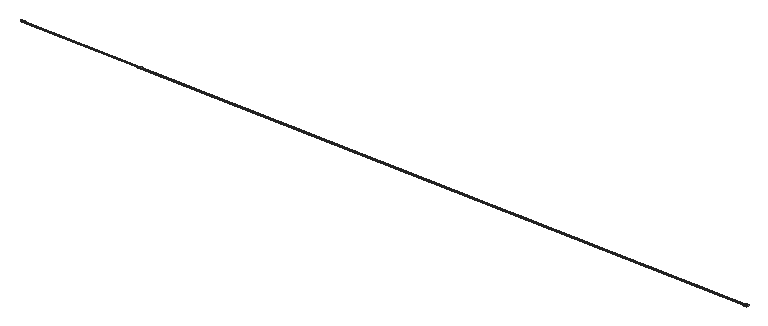
Revit family "0068180", category Lighting Fixtures, host Face, Revit 2017 (continued)
Forms (mm)
  Extrusion 66, solid
    sketch origin (2897.891, 0, 0) x (1, 0, 0) y (0, 1, 0)
      loop
        line (7.4, -1.7) -> (7.4, 1.7) -> (4.6, 1.7) -> (4.6, -1.7) -> (7.4, -1.7)
      loop
        line (15.7, -1.7) -> (15.7, 1.7) -> (12.9, 1.7) -> (12.9, -1.7) -> (15.7, -1.7)
      loop
        line (21.2, 1.7) -> (21.2, -1.7) -> (24, -1.7) -> (24, 1.7) -> (21.2, 1.7)
      loop
        line (32.3, -1.7) -> (32.3, 1.7) -> (29.5, 1.7) -> (29.5, -1.7) -> (32.3, -1.7)
      loop
        line (40.6, -1.7) -> (40.6, 1.7) -> (37.8, 1.7) -> (37.8, -1.7) -> (40.6, -1.7)
      loop
        line (48.9, -1.7) -> (48.9, 1.7) -> (46.1, 1.7) -> (46.1, -1.7) -> (48.9, -1.7)
    from -1.2 to 0
  Extrusion 67, solid
    sketch origin (2947.855, 0, 0) x (1, 0, 0) y (0, 1, 0)
      loop
        line (7.4, -1.7) -> (7.4, 1.7) -> (4.6, 1.7) -> (4.6, -1.7) -> (7.4, -1.7)
      loop
        line (15.7, -1.7) -> (15.7, 1.7) -> (12.9, 1.7) -> (12.9, -1.7) -> (15.7, -1.7)
      loop
        line (21.2, 1.7) -> (21.2, -1.7) -> (24, -1.7) -> (24, 1.7) -> (21.2, 1.7)
      loop
        line (32.3, -1.7) -> (32.3, 1.7) -> (29.5, 1.7) -> (29.5, -1.7) -> (32.3, -1.7)
      loop
        line (40.6, -1.7) -> (40.6, 1.7) -> (37.8, 1.7) -> (37.8, -1.7) -> (40.6, -1.7)
      loop
        line (48.9, -1.7) -> (48.9, 1.7) -> (46.1, 1.7) -> (46.1, -1.7) -> (48.9, -1.7)
    from -1.2 to 0
  Extrusion 68, solid
    sketch origin (2997.818, 0, 0) x (1, 0, 0) y (0, 1, 0)
      loop
        line (7.4, -1.7) -> (7.4, 1.7) -> (4.6, 1.7) -> (4.6, -1.7) -> (7.4, -1.7)
      loop
        line (15.7, -1.7) -> (15.7, 1.7) -> (12.9, 1.7) -> (12.9, -1.7) -> (15.7, -1.7)
      loop
        line (21.2, 1.7) -> (21.2, -1.7) -> (24, -1.7) -> (24, 1.7) -> (21.2, 1.7)
      loop
        line (32.3, -1.7) -> (32.3, 1.7) -> (29.5, 1.7) -> (29.5, -1.7) -> (32.3, -1.7)
      loop
        line (40.6, -1.7) -> (40.6, 1.7) -> (37.8, 1.7) -> (37.8, -1.7) -> (40.6, -1.7)
      loop
        line (48.9, -1.7) -> (48.9, 1.7) -> (46.1, 1.7) -> (46.1, -1.7) -> (48.9, -1.7)
    from -1.2 to 0
  Extrusion 69, solid
    sketch origin (3047.782, 0, 0) x (1, 0, 0) y (0, 1, 0)
      loop
        line (7.4, -1.7) -> (7.4, 1.7) -> (4.6, 1.7) -> (4.6, -1.7) -> (7.4, -1.7)
      loop
        line (15.7, -1.7) -> (15.7, 1.7) -> (12.9, 1.7) -> (12.9, -1.7) -> (15.7, -1.7)
      loop
        line (21.2, 1.7) -> (21.2, -1.7) -> (24, -1.7) -> (24, 1.7) -> (21.2, 1.7)
      loop
        line (32.3, -1.7) -> (32.3, 1.7) -> (29.5, 1.7) -> (29.5, -1.7) -> (32.3, -1.7)
      loop
        line (40.6, -1.7) -> (40.6, 1.7) -> (37.8, 1.7) -> (37.8, -1.7) -> (40.6, -1.7)
      loop
        line (48.9, -1.7) -> (48.9, 1.7) -> (46.1, 1.7) -> (46.1, -1.7) -> (48.9, -1.7)
    from -1.2 to 0
  Extrusion 70, solid
    sketch origin (3097.745, 0, 0) x (1, 0, 0) y (0, 1, 0)
      loop
        line (7.4, -1.7) -> (7.4, 1.7) -> (4.6, 1.7) -> (4.6, -1.7) -> (7.4, -1.7)
      loop
        line (15.7, -1.7) -> (15.7, 1.7) -> (12.9, 1.7) -> (12.9, -1.7) -> (15.7, -1.7)
      loop
        line (21.2, 1.7) -> (21.2, -1.7) -> (24, -1.7) -> (24, 1.7) -> (21.2, 1.7)
      loop
        line (32.3, -1.7) -> (32.3, 1.7) -> (29.5, 1.7) -> (29.5, -1.7) -> (32.3, -1.7)
      loop
        line (40.6, -1.7) -> (40.6, 1.7) -> (37.8, 1.7) -> (37.8, -1.7) -> (40.6, -1.7)
      loop
        line (48.9, -1.7) -> (48.9, 1.7) -> (46.1, 1.7) -> (46.1, -1.7) -> (48.9, -1.7)
    from -1.2 to 0
  Extrusion 71, solid
    sketch origin (3147.709, 0, 0) x (1, 0, 0) y (0, 1, 0)
      loop
        line (7.4, -1.7) -> (7.4, 1.7) -> (4.6, 1.7) -> (4.6, -1.7) -> (7.4, -1.7)
      loop
        line (15.7, -1.7) -> (15.7, 1.7) -> (12.9, 1.7) -> (12.9, -1.7) -> (15.7, -1.7)
      loop
        line (21.2, 1.7) -> (21.2, -1.7) -> (24, -1.7) -> (24, 1.7) -> (21.2, 1.7)
      loop
        line (32.3, -1.7) -> (32.3, 1.7) -> (29.5, 1.7) -> (29.5, -1.7) -> (32.3, -1.7)
      loop
        line (40.6, -1.7) -> (40.6, 1.7) -> (37.8, 1.7) -> (37.8, -1.7) -> (40.6, -1.7)
      loop
        line (48.9, -1.7) -> (48.9, 1.7) -> (46.1, 1.7) -> (46.1, -1.7) -> (48.9, -1.7)
    from -1.2 to 0
  Extrusion 72, solid
    sketch origin (3197.673, 0, 0) x (1, 0, 0) y (0, 1, 0)
      loop
        line (7.4, -1.7) -> (7.4, 1.7) -> (4.6, 1.7) -> (4.6, -1.7) -> (7.4, -1.7)
      loop
        line (15.7, -1.7) -> (15.7, 1.7) -> (12.9, 1.7) -> (12.9, -1.7) -> (15.7, -1.7)
      loop
        line (21.2, 1.7) -> (21.2, -1.7) -> (24, -1.7) -> (24, 1.7) -> (21.2, 1.7)
      loop
        line (32.3, -1.7) -> (32.3, 1.7) -> (29.5, 1.7) -> (29.5, -1.7) -> (32.3, -1.7)
      loop
        line (40.6, -1.7) -> (40.6, 1.7) -> (37.8, 1.7) -> (37.8, -1.7) -> (40.6, -1.7)
      loop
        line (48.9, -1.7) -> (48.9, 1.7) -> (46.1, 1.7) -> (46.1, -1.7) -> (48.9, -1.7)
    from -1.2 to 0
  Extrusion 73, solid
    sketch origin (3247.636, 0, 0) x (1, 0, 0) y (0, 1, 0)
      loop
        line (7.4, -1.7) -> (7.4, 1.7) -> (4.6, 1.7) -> (4.6, -1.7) -> (7.4, -1.7)
      loop
        line (15.7, -1.7) -> (15.7, 1.7) -> (12.9, 1.7) -> (12.9, -1.7) -> (15.7, -1.7)
      loop
        line (21.2, 1.7) -> (21.2, -1.7) -> (24, -1.7) -> (24, 1.7) -> (21.2, 1.7)
      loop
        line (32.3, -1.7) -> (32.3, 1.7) -> (29.5, 1.7) -> (29.5, -1.7) -> (32.3, -1.7)
      loop
        line (40.6, -1.7) -> (40.6, 1.7) -> (37.8, 1.7) -> (37.8, -1.7) -> (40.6, -1.7)
      loop
        line (48.9, -1.7) -> (48.9, 1.7) -> (46.1, 1.7) -> (46.1, -1.7) -> (48.9, -1.7)
    from -1.2 to 0
  Extrusion 74, solid
    sketch origin (3297.6, 0, 0) x (1, 0, 0) y (0, 1, 0)
      loop
        line (7.4, -1.7) -> (7.4, 1.7) -> (4.6, 1.7) -> (4.6, -1.7) -> (7.4, -1.7)
      loop
        line (15.7, -1.7) -> (15.7, 1.7) -> (12.9, 1.7) -> (12.9, -1.7) -> (15.7, -1.7)
      loop
        line (21.2, 1.7) -> (21.2, -1.7) -> (24, -1.7) -> (24, 1.7) -> (21.2, 1.7)
      loop
        line (32.3, -1.7) -> (32.3, 1.7) -> (29.5, 1.7) -> (29.5, -1.7) -> (32.3, -1.7)
      loop
        line (40.6, -1.7) -> (40.6, 1.7) -> (37.8, 1.7) -> (37.8, -1.7) -> (40.6, -1.7)
      loop
        line (48.9, -1.7) -> (48.9, 1.7) -> (46.1, 1.7) -> (46.1, -1.7) -> (48.9, -1.7)
    from -1.2 to 0
  Extrusion 75, solid
    sketch origin (3347.564, 0, 0) x (1, 0, 0) y (0, 1, 0)
      loop
        line (7.4, -1.7) -> (7.4, 1.7) -> (4.6, 1.7) -> (4.6, -1.7) -> (7.4, -1.7)
      loop
        line (15.7, -1.7) -> (15.7, 1.7) -> (12.9, 1.7) -> (12.9, -1.7) -> (15.7, -1.7)
      loop
        line (21.2, 1.7) -> (21.2, -1.7) -> (24, -1.7) -> (24, 1.7) -> (21.2, 1.7)
      loop
        line (32.3, -1.7) -> (32.3, 1.7) -> (29.5, 1.7) -> (29.5, -1.7) -> (32.3, -1.7)
      loop
        line (40.6, -1.7) -> (40.6, 1.7) -> (37.8, 1.7) -> (37.8, -1.7) -> (40.6, -1.7)
      loop
        line (48.9, -1.7) -> (48.9, 1.7) -> (46.1, 1.7) -> (46.1, -1.7) -> (48.9, -1.7)
    from -1.2 to 0
  Extrusion 76, solid
    sketch origin (3397.527, 0, 0) x (1, 0, 0) y (0, 1, 0)
      loop
        line (7.4, -1.7) -> (7.4, 1.7) -> (4.6, 1.7) -> (4.6, -1.7) -> (7.4, -1.7)
      loop
        line (15.7, -1.7) -> (15.7, 1.7) -> (12.9, 1.7) -> (12.9, -1.7) -> (15.7, -1.7)
      loop
        line (21.2, 1.7) -> (21.2, -1.7) -> (24, -1.7) -> (24, 1.7) -> (21.2, 1.7)
      loop
        line (32.3, -1.7) -> (32.3, 1.7) -> (29.5, 1.7) -> (29.5, -1.7) -> (32.3, -1.7)
      loop
        line (40.6, -1.7) -> (40.6, 1.7) -> (37.8, 1.7) -> (37.8, -1.7) -> (40.6, -1.7)
      loop
        line (48.9, -1.7) -> (48.9, 1.7) -> (46.1, 1.7) -> (46.1, -1.7) -> (48.9, -1.7)
    from -1.2 to 0
  Extrusion 77, solid
    sketch origin (3447.491, 0, 0) x (1, 0, 0) y (0, 1, 0)
      loop
        line (7.4, -1.7) -> (7.4, 1.7) -> (4.6, 1.7) -> (4.6, -1.7) -> (7.4, -1.7)
      loop
        line (15.7, -1.7) -> (15.7, 1.7) -> (12.9, 1.7) -> (12.9, -1.7) -> (15.7, -1.7)
      loop
        line (21.2, 1.7) -> (21.2, -1.7) -> (24, -1.7) -> (24, 1.7) -> (21.2, 1.7)
      loop
        line (32.3, -1.7) -> (32.3, 1.7) -> (29.5, 1.7) -> (29.5, -1.7) -> (32.3, -1.7)
      loop
        line (40.6, -1.7) -> (40.6, 1.7) -> (37.8, 1.7) -> (37.8, -1.7) -> (40.6, -1.7)
      loop
        line (48.9, -1.7) -> (48.9, 1.7) -> (46.1, 1.7) -> (46.1, -1.7) -> (48.9, -1.7)
    from -1.2 to 0
  Extrusion 78, solid
    sketch origin (3497.455, 0, 0) x (1, 0, 0) y (0, 1, 0)
      loop
        line (7.4, -1.7) -> (7.4, 1.7) -> (4.6, 1.7) -> (4.6, -1.7) -> (7.4, -1.7)
      loop
        line (15.7, -1.7) -> (15.7, 1.7) -> (12.9, 1.7) -> (12.9, -1.7) -> (15.7, -1.7)
      loop
        line (21.2, 1.7) -> (21.2, -1.7) -> (24, -1.7) -> (24, 1.7) -> (21.2, 1.7)
      loop
        line (32.3, -1.7) -> (32.3, 1.7) -> (29.5, 1.7) -> (29.5, -1.7) -> (32.3, -1.7)
      loop
        line (40.6, -1.7) -> (40.6, 1.7) -> (37.8, 1.7) -> (37.8, -1.7) -> (40.6, -1.7)
      loop
        line (48.9, -1.7) -> (48.9, 1.7) -> (46.1, 1.7) -> (46.1, -1.7) -> (48.9, -1.7)
    from -1.2 to 0
  Extrusion 79, solid
    sketch origin (3547.418, 0, 0) x (1, 0, 0) y (0, 1, 0)
      loop
        line (7.4, -1.7) -> (7.4, 1.7) -> (4.6, 1.7) -> (4.6, -1.7) -> (7.4, -1.7)
      loop
        line (15.7, -1.7) -> (15.7, 1.7) -> (12.9, 1.7) -> (12.9, -1.7) -> (15.7, -1.7)
      loop
        line (21.2, 1.7) -> (21.2, -1.7) -> (24, -1.7) -> (24, 1.7) -> (21.2, 1.7)
      loop
        line (32.3, -1.7) -> (32.3, 1.7) -> (29.5, 1.7) -> (29.5, -1.7) -> (32.3, -1.7)
      loop
        line (40.6, -1.7) -> (40.6, 1.7) -> (37.8, 1.7) -> (37.8, -1.7) -> (40.6, -1.7)
      loop
        line (48.9, -1.7) -> (48.9, 1.7) -> (46.1, 1.7) -> (46.1, -1.7) -> (48.9, -1.7)
    from -1.2 to 0
  Extrusion 80, solid
    sketch origin (3597.382, 0, 0) x (1, 0, 0) y (0, 1, 0)
      loop
        line (7.4, -1.7) -> (7.4, 1.7) -> (4.6, 1.7) -> (4.6, -1.7) -> (7.4, -1.7)
      loop
        line (15.7, -1.7) -> (15.7, 1.7) -> (12.9, 1.7) -> (12.9, -1.7) -> (15.7, -1.7)
      loop
        line (21.2, 1.7) -> (21.2, -1.7) -> (24, -1.7) -> (24, 1.7) -> (21.2, 1.7)
      loop
        line (32.3, -1.7) -> (32.3, 1.7) -> (29.5, 1.7) -> (29.5, -1.7) -> (32.3, -1.7)
      loop
        line (40.6, -1.7) -> (40.6, 1.7) -> (37.8, 1.7) -> (37.8, -1.7) -> (40.6, -1.7)
      loop
        line (48.9, -1.7) -> (48.9, 1.7) -> (46.1, 1.7) -> (46.1, -1.7) -> (48.9, -1.7)
    from -1.2 to 0
  Extrusion 81, solid
    sketch origin (3647.345, 0, 0) x (1, 0, 0) y (0, 1, 0)
      loop
        line (7.4, -1.7) -> (7.4, 1.7) -> (4.6, 1.7) -> (4.6, -1.7) -> (7.4, -1.7)
      loop
        line (15.7, -1.7) -> (15.7, 1.7) -> (12.9, 1.7) -> (12.9, -1.7) -> (15.7, -1.7)
      loop
        line (21.2, 1.7) -> (21.2, -1.7) -> (24, -1.7) -> (24, 1.7) -> (21.2, 1.7)
      loop
        line (32.3, -1.7) -> (32.3, 1.7) -> (29.5, 1.7) -> (29.5, -1.7) -> (32.3, -1.7)
      loop
        line (40.6, -1.7) -> (40.6, 1.7) -> (37.8, 1.7) -> (37.8, -1.7) -> (40.6, -1.7)
      loop
        line (48.9, -1.7) -> (48.9, 1.7) -> (46.1, 1.7) -> (46.1, -1.7) -> (48.9, -1.7)
    from -1.2 to 0
  Extrusion 82, solid
    sketch origin (3697.309, 0, 0) x (1, 0, 0) y (0, 1, 0)
      loop
        line (7.4, -1.7) -> (7.4, 1.7) -> (4.6, 1.7) -> (4.6, -1.7) -> (7.4, -1.7)
      loop
        line (15.7, -1.7) -> (15.7, 1.7) -> (12.9, 1.7) -> (12.9, -1.7) -> (15.7, -1.7)
      loop
        line (21.2, 1.7) -> (21.2, -1.7) -> (24, -1.7) -> (24, 1.7) -> (21.2, 1.7)
      loop
        line (32.3, -1.7) -> (32.3, 1.7) -> (29.5, 1.7) -> (29.5, -1.7) -> (32.3, -1.7)
      loop
        line (40.6, -1.7) -> (40.6, 1.7) -> (37.8, 1.7) -> (37.8, -1.7) -> (40.6, -1.7)
      loop
        line (48.9, -1.7) -> (48.9, 1.7) -> (46.1, 1.7) -> (46.1, -1.7) -> (48.9, -1.7)
    from -1.2 to 0
  Extrusion 83, solid
    sketch origin (3747.273, 0, 0) x (1, 0, 0) y (0, 1, 0)
      loop
        line (7.4, -1.7) -> (7.4, 1.7) -> (4.6, 1.7) -> (4.6, -1.7) -> (7.4, -1.7)
      loop
        line (15.7, -1.7) -> (15.7, 1.7) -> (12.9, 1.7) -> (12.9, -1.7) -> (15.7, -1.7)
      loop
        line (21.2, 1.7) -> (21.2, -1.7) -> (24, -1.7) -> (24, 1.7) -> (21.2, 1.7)
      loop
        line (32.3, -1.7) -> (32.3, 1.7) -> (29.5, 1.7) -> (29.5, -1.7) -> (32.3, -1.7)
      loop
        line (40.6, -1.7) -> (40.6, 1.7) -> (37.8, 1.7) -> (37.8, -1.7) -> (40.6, -1.7)
      loop
        line (48.9, -1.7) -> (48.9, 1.7) -> (46.1, 1.7) -> (46.1, -1.7) -> (48.9, -1.7)
    from -1.2 to 0
  Extrusion 84, solid
    sketch origin (3797.236, 0, 0) x (1, 0, 0) y (0, 1, 0)
      loop
        line (7.4, -1.7) -> (7.4, 1.7) -> (4.6, 1.7) -> (4.6, -1.7) -> (7.4, -1.7)
      loop
        line (15.7, -1.7) -> (15.7, 1.7) -> (12.9, 1.7) -> (12.9, -1.7) -> (15.7, -1.7)
      loop
        line (21.2, 1.7) -> (21.2, -1.7) -> (24, -1.7) -> (24, 1.7) -> (21.2, 1.7)
      loop
        line (32.3, -1.7) -> (32.3, 1.7) -> (29.5, 1.7) -> (29.5, -1.7) -> (32.3, -1.7)
      loop
        line (40.6, -1.7) -> (40.6, 1.7) -> (37.8, 1.7) -> (37.8, -1.7) -> (40.6, -1.7)
      loop
        line (48.9, -1.7) -> (48.9, 1.7) -> (46.1, 1.7) -> (46.1, -1.7) -> (48.9, -1.7)
    from -1.2 to 0
  Extrusion 85, solid
    sketch origin (3847.2, 0, 0) x (1, 0, 0) y (0, 1, 0)
      loop
        line (7.4, -1.7) -> (7.4, 1.7) -> (4.6, 1.7) -> (4.6, -1.7) -> (7.4, -1.7)
      loop
        line (15.7, -1.7) -> (15.7, 1.7) -> (12.9, 1.7) -> (12.9, -1.7) -> (15.7, -1.7)
      loop
        line (21.2, 1.7) -> (21.2, -1.7) -> (24, -1.7) -> (24, 1.7) -> (21.2, 1.7)
      loop
        line (32.3, -1.7) -> (32.3, 1.7) -> (29.5, 1.7) -> (29.5, -1.7) -> (32.3, -1.7)
      loop
        line (40.6, -1.7) -> (40.6, 1.7) -> (37.8, 1.7) -> (37.8, -1.7) -> (40.6, -1.7)
      loop
        line (48.9, -1.7) -> (48.9, 1.7) -> (46.1, 1.7) -> (46.1, -1.7) -> (48.9, -1.7)
    from -1.2 to 0
  Extrusion 86, solid
    sketch origin (3897.164, 0, 0) x (1, 0, 0) y (0, 1, 0)
      loop
        line (7.4, -1.7) -> (7.4, 1.7) -> (4.6, 1.7) -> (4.6, -1.7) -> (7.4, -1.7)
      loop
        line (15.7, -1.7) -> (15.7, 1.7) -> (12.9, 1.7) -> (12.9, -1.7) -> (15.7, -1.7)
      loop
        line (21.2, 1.7) -> (21.2, -1.7) -> (24, -1.7) -> (24, 1.7) -> (21.2, 1.7)
      loop
        line (32.3, -1.7) -> (32.3, 1.7) -> (29.5, 1.7) -> (29.5, -1.7) -> (32.3, -1.7)
      loop
        line (40.6, -1.7) -> (40.6, 1.7) -> (37.8, 1.7) -> (37.8, -1.7) -> (40.6, -1.7)
      loop
        line (48.9, -1.7) -> (48.9, 1.7) -> (46.1, 1.7) -> (46.1, -1.7) -> (48.9, -1.7)
    from -1.2 to 0
  Extrusion 87, solid
    sketch origin (3947.127, 0, 0) x (1, 0, 0) y (0, 1, 0)
      loop
        line (7.4, -1.7) -> (7.4, 1.7) -> (4.6, 1.7) -> (4.6, -1.7) -> (7.4, -1.7)
      loop
        line (15.7, -1.7) -> (15.7, 1.7) -> (12.9, 1.7) -> (12.9, -1.7) -> (15.7, -1.7)
      loop
        line (21.2, 1.7) -> (21.2, -1.7) -> (24, -1.7) -> (24, 1.7) -> (21.2, 1.7)
      loop
        line (32.3, -1.7) -> (32.3, 1.7) -> (29.5, 1.7) -> (29.5, -1.7) -> (32.3, -1.7)
      loop
        line (40.6, -1.7) -> (40.6, 1.7) -> (37.8, 1.7) -> (37.8, -1.7) -> (40.6, -1.7)
      loop
        line (48.9, -1.7) -> (48.9, 1.7) -> (46.1, 1.7) -> (46.1, -1.7) -> (48.9, -1.7)
    from -1.2 to 0
  Extrusion 88, solid
    sketch origin (3997.091, 0, 0) x (1, 0, 0) y (0, 1, 0)
      loop
        line (7.4, -1.7) -> (7.4, 1.7) -> (4.6, 1.7) -> (4.6, -1.7) -> (7.4, -1.7)
      loop
        line (15.7, -1.7) -> (15.7, 1.7) -> (12.9, 1.7) -> (12.9, -1.7) -> (15.7, -1.7)
      loop
        line (21.2, 1.7) -> (21.2, -1.7) -> (24, -1.7) -> (24, 1.7) -> (21.2, 1.7)
      loop
        line (32.3, -1.7) -> (32.3, 1.7) -> (29.5, 1.7) -> (29.5, -1.7) -> (32.3, -1.7)
      loop
        line (40.6, -1.7) -> (40.6, 1.7) -> (37.8, 1.7) -> (37.8, -1.7) -> (40.6, -1.7)
      loop
        line (48.9, -1.7) -> (48.9, 1.7) -> (46.1, 1.7) -> (46.1, -1.7) -> (48.9, -1.7)
    from -1.2 to 0
  Extrusion 89, solid
    sketch origin (4047.055, 0, 0) x (1, 0, 0) y (0, 1, 0)
      loop
        line (7.4, -1.7) -> (7.4, 1.7) -> (4.6, 1.7) -> (4.6, -1.7) -> (7.4, -1.7)
      loop
        line (15.7, -1.7) -> (15.7, 1.7) -> (12.9, 1.7) -> (12.9, -1.7) -> (15.7, -1.7)
      loop
        line (21.2, 1.7) -> (21.2, -1.7) -> (24, -1.7) -> (24, 1.7) -> (21.2, 1.7)
      loop
        line (32.3, -1.7) -> (32.3, 1.7) -> (29.5, 1.7) -> (29.5, -1.7) -> (32.3, -1.7)
      loop
        line (40.6, -1.7) -> (40.6, 1.7) -> (37.8, 1.7) -> (37.8, -1.7) -> (40.6, -1.7)
      loop
        line (48.9, -1.7) -> (48.9, 1.7) -> (46.1, 1.7) -> (46.1, -1.7) -> (48.9, -1.7)
    from -1.2 to 0
  Extrusion 90, solid
    sketch origin (4097.018, 0, 0) x (1, 0, 0) y (0, 1, 0)
      loop
        line (7.4, -1.7) -> (7.4, 1.7) -> (4.6, 1.7) -> (4.6, -1.7) -> (7.4, -1.7)
      loop
        line (15.7, -1.7) -> (15.7, 1.7) -> (12.9, 1.7) -> (12.9, -1.7) -> (15.7, -1.7)
      loop
        line (21.2, 1.7) -> (21.2, -1.7) -> (24, -1.7) -> (24, 1.7) -> (21.2, 1.7)
      loop
        line (32.3, -1.7) -> (32.3, 1.7) -> (29.5, 1.7) -> (29.5, -1.7) -> (32.3, -1.7)
      loop
        line (40.6, -1.7) -> (40.6, 1.7) -> (37.8, 1.7) -> (37.8, -1.7) -> (40.6, -1.7)
      loop
        line (48.9, -1.7) -> (48.9, 1.7) -> (46.1, 1.7) -> (46.1, -1.7) -> (48.9, -1.7)
    from -1.2 to 0
  Extrusion 91, solid
    sketch origin (4146.982, 0, 0) x (1, 0, 0) y (0, 1, 0)
      loop
        line (7.4, -1.7) -> (7.4, 1.7) -> (4.6, 1.7) -> (4.6, -1.7) -> (7.4, -1.7)
      loop
        line (15.7, -1.7) -> (15.7, 1.7) -> (12.9, 1.7) -> (12.9, -1.7) -> (15.7, -1.7)
      loop
        line (21.2, 1.7) -> (21.2, -1.7) -> (24, -1.7) -> (24, 1.7) -> (21.2, 1.7)
      loop
        line (32.3, -1.7) -> (32.3, 1.7) -> (29.5, 1.7) -> (29.5, -1.7) -> (32.3, -1.7)
      loop
        line (40.6, -1.7) -> (40.6, 1.7) -> (37.8, 1.7) -> (37.8, -1.7) -> (40.6, -1.7)
      loop
        line (48.9, -1.7) -> (48.9, 1.7) -> (46.1, 1.7) -> (46.1, -1.7) -> (48.9, -1.7)
    from -1.2 to 0
  Extrusion 92, solid
    sketch origin (4196.945, 0, 0) x (1, 0, 0) y (0, 1, 0)
      loop
        line (7.4, -1.7) -> (7.4, 1.7) -> (4.6, 1.7) -> (4.6, -1.7) -> (7.4, -1.7)
      loop
        line (15.7, -1.7) -> (15.7, 1.7) -> (12.9, 1.7) -> (12.9, -1.7) -> (15.7, -1.7)
      loop
        line (21.2, 1.7) -> (21.2, -1.7) -> (24, -1.7) -> (24, 1.7) -> (21.2, 1.7)
      loop
        line (32.3, -1.7) -> (32.3, 1.7) -> (29.5, 1.7) -> (29.5, -1.7) -> (32.3, -1.7)
      loop
        line (40.6, -1.7) -> (40.6, 1.7) -> (37.8, 1.7) -> (37.8, -1.7) -> (40.6, -1.7)
      loop
        line (48.9, -1.7) -> (48.9, 1.7) -> (46.1, 1.7) -> (46.1, -1.7) -> (48.9, -1.7)
    from -1.2 to 0
  Extrusion 93, solid
    sketch origin (4246.909, 0, 0) x (1, 0, 0) y (0, 1, 0)
      loop
        line (7.4, -1.7) -> (7.4, 1.7) -> (4.6, 1.7) -> (4.6, -1.7) -> (7.4, -1.7)
      loop
        line (15.7, -1.7) -> (15.7, 1.7) -> (12.9, 1.7) -> (12.9, -1.7) -> (15.7, -1.7)
      loop
        line (21.2, 1.7) -> (21.2, -1.7) -> (24, -1.7) -> (24, 1.7) -> (21.2, 1.7)
      loop
        line (32.3, -1.7) -> (32.3, 1.7) -> (29.5, 1.7) -> (29.5, -1.7) -> (32.3, -1.7)
      loop
        line (40.6, -1.7) -> (40.6, 1.7) -> (37.8, 1.7) -> (37.8, -1.7) -> (40.6, -1.7)
      loop
        line (48.9, -1.7) -> (48.9, 1.7) -> (46.1, 1.7) -> (46.1, -1.7) -> (48.9, -1.7)
    from -1.2 to 0
  Extrusion 94, solid
    sketch origin (4296.873, 0, 0) x (1, 0, 0) y (0, 1, 0)
      loop
        line (7.4, -1.7) -> (7.4, 1.7) -> (4.6, 1.7) -> (4.6, -1.7) -> (7.4, -1.7)
      loop
        line (15.7, -1.7) -> (15.7, 1.7) -> (12.9, 1.7) -> (12.9, -1.7) -> (15.7, -1.7)
      loop
        line (21.2, 1.7) -> (21.2, -1.7) -> (24, -1.7) -> (24, 1.7) -> (21.2, 1.7)
      loop
        line (32.3, -1.7) -> (32.3, 1.7) -> (29.5, 1.7) -> (29.5, -1.7) -> (32.3, -1.7)
      loop
        line (40.6, -1.7) -> (40.6, 1.7) -> (37.8, 1.7) -> (37.8, -1.7) -> (40.6, -1.7)
      loop
        line (48.9, -1.7) -> (48.9, 1.7) -> (46.1, 1.7) -> (46.1, -1.7) -> (48.9, -1.7)
    from -1.2 to 0
  Extrusion 95, solid
    sketch origin (4346.836, 0, 0) x (1, 0, 0) y (0, 1, 0)
      loop
        line (7.4, -1.7) -> (7.4, 1.7) -> (4.6, 1.7) -> (4.6, -1.7) -> (7.4, -1.7)
      loop
        line (15.7, -1.7) -> (15.7, 1.7) -> (12.9, 1.7) -> (12.9, -1.7) -> (15.7, -1.7)
      loop
        line (21.2, 1.7) -> (21.2, -1.7) -> (24, -1.7) -> (24, 1.7) -> (21.2, 1.7)
      loop
        line (32.3, -1.7) -> (32.3, 1.7) -> (29.5, 1.7) -> (29.5, -1.7) -> (32.3, -1.7)
      loop
        line (40.6, -1.7) -> (40.6, 1.7) -> (37.8, 1.7) -> (37.8, -1.7) -> (40.6, -1.7)
      loop
        line (48.9, -1.7) -> (48.9, 1.7) -> (46.1, 1.7) -> (46.1, -1.7) -> (48.9, -1.7)
    from -1.2 to 0
  Extrusion 96, solid
    sketch origin (4396.8, 0, 0) x (1, 0, 0) y (0, 1, 0)
      loop
        line (7.4, -1.7) -> (7.4, 1.7) -> (4.6, 1.7) -> (4.6, -1.7) -> (7.4, -1.7)
      loop
        line (15.7, -1.7) -> (15.7, 1.7) -> (12.9, 1.7) -> (12.9, -1.7) -> (15.7, -1.7)
      loop
        line (21.2, 1.7) -> (21.2, -1.7) -> (24, -1.7) -> (24, 1.7) -> (21.2, 1.7)
      loop
        line (32.3, -1.7) -> (32.3, 1.7) -> (29.5, 1.7) -> (29.5, -1.7) -> (32.3, -1.7)
      loop
        line (40.6, -1.7) -> (40.6, 1.7) -> (37.8, 1.7) -> (37.8, -1.7) -> (40.6, -1.7)
      loop
        line (48.9, -1.7) -> (48.9, 1.7) -> (46.1, 1.7) -> (46.1, -1.7) -> (48.9, -1.7)
    from -1.2 to 0
  Extrusion 97, solid
    sketch origin (4446.764, 0, 0) x (1, 0, 0) y (0, 1, 0)
      loop
        line (7.4, -1.7) -> (7.4, 1.7) -> (4.6, 1.7) -> (4.6, -1.7) -> (7.4, -1.7)
      loop
        line (15.7, -1.7) -> (15.7, 1.7) -> (12.9, 1.7) -> (12.9, -1.7) -> (15.7, -1.7)
      loop
        line (21.2, 1.7) -> (21.2, -1.7) -> (24, -1.7) -> (24, 1.7) -> (21.2, 1.7)
      loop
        line (32.3, -1.7) -> (32.3, 1.7) -> (29.5, 1.7) -> (29.5, -1.7) -> (32.3, -1.7)
      loop
        line (40.6, -1.7) -> (40.6, 1.7) -> (37.8, 1.7) -> (37.8, -1.7) -> (40.6, -1.7)
      loop
        line (48.9, -1.7) -> (48.9, 1.7) -> (46.1, 1.7) -> (46.1, -1.7) -> (48.9, -1.7)
    from -1.2 to 0
  Extrusion 98, solid
    sketch origin (4496.727, 0, 0) x (1, 0, 0) y (0, 1, 0)
      loop
        line (7.4, -1.7) -> (7.4, 1.7) -> (4.6, 1.7) -> (4.6, -1.7) -> (7.4, -1.7)
      loop
        line (15.7, -1.7) -> (15.7, 1.7) -> (12.9, 1.7) -> (12.9, -1.7) -> (15.7, -1.7)
      loop
        line (21.2, 1.7) -> (21.2, -1.7) -> (24, -1.7) -> (24, 1.7) -> (21.2, 1.7)
      loop
        line (32.3, -1.7) -> (32.3, 1.7) -> (29.5, 1.7) -> (29.5, -1.7) -> (32.3, -1.7)
      loop
        line (40.6, -1.7) -> (40.6, 1.7) -> (37.8, 1.7) -> (37.8, -1.7) -> (40.6, -1.7)
      loop
        line (48.9, -1.7) -> (48.9, 1.7) -> (46.1, 1.7) -> (46.1, -1.7) -> (48.9, -1.7)
    from -1.2 to 0
  Extrusion 99, solid
    sketch origin (4546.691, 0, 0) x (1, 0, 0) y (0, 1, 0)
      loop
        line (7.4, -1.7) -> (7.4, 1.7) -> (4.6, 1.7) -> (4.6, -1.7) -> (7.4, -1.7)
      loop
        line (15.7, -1.7) -> (15.7, 1.7) -> (12.9, 1.7) -> (12.9, -1.7) -> (15.7, -1.7)
      loop
        line (21.2, 1.7) -> (21.2, -1.7) -> (24, -1.7) -> (24, 1.7) -> (21.2, 1.7)
      loop
        line (32.3, -1.7) -> (32.3, 1.7) -> (29.5, 1.7) -> (29.5, -1.7) -> (32.3, -1.7)
      loop
        line (40.6, -1.7) -> (40.6, 1.7) -> (37.8, 1.7) -> (37.8, -1.7) -> (40.6, -1.7)
      loop
        line (48.9, -1.7) -> (48.9, 1.7) -> (46.1, 1.7) -> (46.1, -1.7) -> (48.9, -1.7)
    from -1.2 to 0
  Extrusion 100, solid
    sketch origin (4596.655, 0, 0) x (1, 0, 0) y (0, 1, 0)
      loop
        line (7.4, -1.7) -> (7.4, 1.7) -> (4.6, 1.7) -> (4.6, -1.7) -> (7.4, -1.7)
      loop
        line (15.7, -1.7) -> (15.7, 1.7) -> (12.9, 1.7) -> (12.9, -1.7) -> (15.7, -1.7)
      loop
        line (21.2, 1.7) -> (21.2, -1.7) -> (24, -1.7) -> (24, 1.7) -> (21.2, 1.7)
      loop
        line (32.3, -1.7) -> (32.3, 1.7) -> (29.5, 1.7) -> (29.5, -1.7) -> (32.3, -1.7)
      loop
        line (40.6, -1.7) -> (40.6, 1.7) -> (37.8, 1.7) -> (37.8, -1.7) -> (40.6, -1.7)
      loop
        line (48.9, -1.7) -> (48.9, 1.7) -> (46.1, 1.7) -> (46.1, -1.7) -> (48.9, -1.7)
    from -1.2 to 0
  Extrusion 101, solid
    sketch origin (4646.618, 0, 0) x (1, 0, 0) y (0, 1, 0)
      loop
        line (7.4, -1.7) -> (7.4, 1.7) -> (4.6, 1.7) -> (4.6, -1.7) -> (7.4, -1.7)
      loop
        line (15.7, -1.7) -> (15.7, 1.7) -> (12.9, 1.7) -> (12.9, -1.7) -> (15.7, -1.7)
      loop
        line (21.2, 1.7) -> (21.2, -1.7) -> (24, -1.7) -> (24, 1.7) -> (21.2, 1.7)
      loop
        line (32.3, -1.7) -> (32.3, 1.7) -> (29.5, 1.7) -> (29.5, -1.7) -> (32.3, -1.7)
      loop
        line (40.6, -1.7) -> (40.6, 1.7) -> (37.8, 1.7) -> (37.8, -1.7) -> (40.6, -1.7)
      loop
        line (48.9, -1.7) -> (48.9, 1.7) -> (46.1, 1.7) -> (46.1, -1.7) -> (48.9, -1.7)
    from -1.2 to 0
  Extrusion 102, solid
    sketch origin (4696.582, 0, 0) x (1, 0, 0) y (0, 1, 0)
      loop
        line (7.4, -1.7) -> (7.4, 1.7) -> (4.6, 1.7) -> (4.6, -1.7) -> (7.4, -1.7)
      loop
        line (15.7, -1.7) -> (15.7, 1.7) -> (12.9, 1.7) -> (12.9, -1.7) -> (15.7, -1.7)
      loop
        line (21.2, 1.7) -> (21.2, -1.7) -> (24, -1.7) -> (24, 1.7) -> (21.2, 1.7)
      loop
        line (32.3, -1.7) -> (32.3, 1.7) -> (29.5, 1.7) -> (29.5, -1.7) -> (32.3, -1.7)
      loop
        line (40.6, -1.7) -> (40.6, 1.7) -> (37.8, 1.7) -> (37.8, -1.7) -> (40.6, -1.7)
      loop
        line (48.9, -1.7) -> (48.9, 1.7) -> (46.1, 1.7) -> (46.1, -1.7) -> (48.9, -1.7)
    from -1.2 to 0
  Extrusion 103, solid
    sketch origin (4746.545, 0, 0) x (1, 0, 0) y (0, 1, 0)
      loop
        line (7.4, -1.7) -> (7.4, 1.7) -> (4.6, 1.7) -> (4.6, -1.7) -> (7.4, -1.7)
      loop
        line (15.7, -1.7) -> (15.7, 1.7) -> (12.9, 1.7) -> (12.9, -1.7) -> (15.7, -1.7)
      loop
        line (21.2, 1.7) -> (21.2, -1.7) -> (24, -1.7) -> (24, 1.7) -> (21.2, 1.7)
      loop
        line (32.3, -1.7) -> (32.3, 1.7) -> (29.5, 1.7) -> (29.5, -1.7) -> (32.3, -1.7)
      loop
        line (40.6, -1.7) -> (40.6, 1.7) -> (37.8, 1.7) -> (37.8, -1.7) -> (40.6, -1.7)
      loop
        line (48.9, -1.7) -> (48.9, 1.7) -> (46.1, 1.7) -> (46.1, -1.7) -> (48.9, -1.7)
    from -1.2 to 0
  Extrusion 104, solid
    sketch origin (4796.509, 0, 0) x (1, 0, 0) y (0, 1, 0)
      loop
        line (7.4, -1.7) -> (7.4, 1.7) -> (4.6, 1.7) -> (4.6, -1.7) -> (7.4, -1.7)
      loop
        line (15.7, -1.7) -> (15.7, 1.7) -> (12.9, 1.7) -> (12.9, -1.7) -> (15.7, -1.7)
      loop
        line (21.2, 1.7) -> (21.2, -1.7) -> (24, -1.7) -> (24, 1.7) -> (21.2, 1.7)
      loop
        line (32.3, -1.7) -> (32.3, 1.7) -> (29.5, 1.7) -> (29.5, -1.7) -> (32.3, -1.7)
      loop
        line (40.6, -1.7) -> (40.6, 1.7) -> (37.8, 1.7) -> (37.8, -1.7) -> (40.6, -1.7)
      loop
        line (48.9, -1.7) -> (48.9, 1.7) -> (46.1, 1.7) -> (46.1, -1.7) -> (48.9, -1.7)
    from -1.2 to 0
  Extrusion 105, solid
    sketch origin (4846.473, 0, 0) x (1, 0, 0) y (0, 1, 0)
      loop
        line (7.4, -1.7) -> (7.4, 1.7) -> (4.6, 1.7) -> (4.6, -1.7) -> (7.4, -1.7)
      loop
        line (15.7, -1.7) -> (15.7, 1.7) -> (12.9, 1.7) -> (12.9, -1.7) -> (15.7, -1.7)
      loop
        line (21.2, 1.7) -> (21.2, -1.7) -> (24, -1.7) -> (24, 1.7) -> (21.2, 1.7)
      loop
        line (32.3, -1.7) -> (32.3, 1.7) -> (29.5, 1.7) -> (29.5, -1.7) -> (32.3, -1.7)
      loop
        line (40.6, -1.7) -> (40.6, 1.7) -> (37.8, 1.7) -> (37.8, -1.7) -> (40.6, -1.7)
      loop
        line (48.9, -1.7) -> (48.9, 1.7) -> (46.1, 1.7) -> (46.1, -1.7) -> (48.9, -1.7)
    from -1.2 to 0
  Extrusion 106, solid
    sketch origin (4896.436, 0, 0) x (1, 0, 0) y (0, 1, 0)
      loop
        line (7.4, -1.7) -> (7.4, 1.7) -> (4.6, 1.7) -> (4.6, -1.7) -> (7.4, -1.7)
      loop
        line (15.7, -1.7) -> (15.7, 1.7) -> (12.9, 1.7) -> (12.9, -1.7) -> (15.7, -1.7)
      loop
        line (21.2, 1.7) -> (21.2, -1.7) -> (24, -1.7) -> (24, 1.7) -> (21.2, 1.7)
      loop
        line (32.3, -1.7) -> (32.3, 1.7) -> (29.5, 1.7) -> (29.5, -1.7) -> (32.3, -1.7)
      loop
        line (40.6, -1.7) -> (40.6, 1.7) -> (37.8, 1.7) -> (37.8, -1.7) -> (40.6, -1.7)
      loop
        line (48.9, -1.7) -> (48.9, 1.7) -> (46.1, 1.7) -> (46.1, -1.7) -> (48.9, -1.7)
    from -1.2 to 0
  Extrusion 107, solid
    sketch origin (4946.4, 0, 0) x (1, 0, 0) y (0, 1, 0)
      loop
        line (9.1, 1.5) -> (9.1, -1.5) -> (11.2, -1.5) -> (11.2, 1.5) -> (9.1, 1.5)
      loop
        line (17.4, 1.5) -> (17.4, -1.5) -> (19.5, -1.5) -> (19.5, 1.5) -> (17.4, 1.5)
      loop
        line (34, 1.5) -> (34, -1.5) -> (36.1, -1.5) -> (36.1, 1.5) -> (34, 1.5)
      loop
        line (42.3, 1.5) -> (42.3, -1.5) -> (44.4, -1.5) -> (44.4, 1.5) -> (42.3, 1.5)
    from -1.2 to -0.5
  Extrusion 108, solid
    sketch origin (49.964, 0, 0) x (1, 0, 0) y (0, 1, 0)
      loop
        line (9.1, 1.5) -> (9.1, -1.5) -> (11.2, -1.5) -> (11.2, 1.5) -> (9.1, 1.5)
      loop
        line (17.4, 1.5) -> (17.4, -1.5) -> (19.5, -1.5) -> (19.5, 1.5) -> (17.4, 1.5)
      loop
        line (34, 1.5) -> (34, -1.5) -> (36.1, -1.5) -> (36.1, 1.5) -> (34, 1.5)
      loop
        line (42.3, 1.5) -> (42.3, -1.5) -> (44.4, -1.5) -> (44.4, 1.5) -> (42.3, 1.5)
    from -1.2 to -0.5
  Extrusion 109, solid
    sketch origin (99.927, 0, 0) x (1, 0, 0) y (0, 1, 0)
      loop
        line (9.1, 1.5) -> (9.1, -1.5) -> (11.2, -1.5) -> (11.2, 1.5) -> (9.1, 1.5)
      loop
        line (17.4, 1.5) -> (17.4, -1.5) -> (19.5, -1.5) -> (19.5, 1.5) -> (17.4, 1.5)
      loop
        line (34, 1.5) -> (34, -1.5) -> (36.1, -1.5) -> (36.1, 1.5) -> (34, 1.5)
      loop
        line (42.3, 1.5) -> (42.3, -1.5) -> (44.4, -1.5) -> (44.4, 1.5) -> (42.3, 1.5)
    from -1.2 to -0.5
  Extrusion 110, solid
    sketch origin (149.891, 0, 0) x (1, 0, 0) y (0, 1, 0)
      loop
        line (9.1, 1.5) -> (9.1, -1.5) -> (11.2, -1.5) -> (11.2, 1.5) -> (9.1, 1.5)
      loop
        line (17.4, 1.5) -> (17.4, -1.5) -> (19.5, -1.5) -> (19.5, 1.5) -> (17.4, 1.5)
      loop
        line (34, 1.5) -> (34, -1.5) -> (36.1, -1.5) -> (36.1, 1.5) -> (34, 1.5)
      loop
        line (42.3, 1.5) -> (42.3, -1.5) -> (44.4, -1.5) -> (44.4, 1.5) -> (42.3, 1.5)
    from -1.2 to -0.5
  Extrusion 111, solid
    sketch origin (199.855, 0, 0) x (1, 0, 0) y (0, 1, 0)
      loop
        line (9.1, 1.5) -> (9.1, -1.5) -> (11.2, -1.5) -> (11.2, 1.5) -> (9.1, 1.5)
      loop
        line (17.4, 1.5) -> (17.4, -1.5) -> (19.5, -1.5) -> (19.5, 1.5) -> (17.4, 1.5)
      loop
        line (34, 1.5) -> (34, -1.5) -> (36.1, -1.5) -> (36.1, 1.5) -> (34, 1.5)
      loop
        line (42.3, 1.5) -> (42.3, -1.5) -> (44.4, -1.5) -> (44.4, 1.5) -> (42.3, 1.5)
    from -1.2 to -0.5
  Extrusion 112, solid
    sketch origin (249.818, 0, 0) x (1, 0, 0) y (0, 1, 0)
      loop
        line (9.1, 1.5) -> (9.1, -1.5) -> (11.2, -1.5) -> (11.2, 1.5) -> (9.1, 1.5)
      loop
        line (17.4, 1.5) -> (17.4, -1.5) -> (19.5, -1.5) -> (19.5, 1.5) -> (17.4, 1.5)
      loop
        line (34, 1.5) -> (34, -1.5) -> (36.1, -1.5) -> (36.1, 1.5) -> (34, 1.5)
      loop
        line (42.3, 1.5) -> (42.3, -1.5) -> (44.4, -1.5) -> (44.4, 1.5) -> (42.3, 1.5)
    from -1.2 to -0.5
  Extrusion 113, solid
    sketch origin (299.782, 0, 0) x (1, 0, 0) y (0, 1, 0)
      loop
        line (9.1, 1.5) -> (9.1, -1.5) -> (11.2, -1.5) -> (11.2, 1.5) -> (9.1, 1.5)
      loop
        line (17.4, 1.5) -> (17.4, -1.5) -> (19.5, -1.5) -> (19.5, 1.5) -> (17.4, 1.5)
      loop
        line (34, 1.5) -> (34, -1.5) -> (36.1, -1.5) -> (36.1, 1.5) -> (34, 1.5)
      loop
        line (42.3, 1.5) -> (42.3, -1.5) -> (44.4, -1.5) -> (44.4, 1.5) -> (42.3, 1.5)
    from -1.2 to -0.5
  Extrusion 114, solid
    sketch origin (349.745, 0, 0) x (1, 0, 0) y (0, 1, 0)
      loop
        line (9.1, 1.5) -> (9.1, -1.5) -> (11.2, -1.5) -> (11.2, 1.5) -> (9.1, 1.5)
      loop
        line (17.4, 1.5) -> (17.4, -1.5) -> (19.5, -1.5) -> (19.5, 1.5) -> (17.4, 1.5)
      loop
        line (34, 1.5) -> (34, -1.5) -> (36.1, -1.5) -> (36.1, 1.5) -> (34, 1.5)
      loop
        line (42.3, 1.5) -> (42.3, -1.5) -> (44.4, -1.5) -> (44.4, 1.5) -> (42.3, 1.5)
    from -1.2 to -0.5
  Extrusion 115, solid
    sketch origin (399.709, 0, 0) x (1, 0, 0) y (0, 1, 0)
      loop
        line (9.1, 1.5) -> (9.1, -1.5) -> (11.2, -1.5) -> (11.2, 1.5) -> (9.1, 1.5)
      loop
        line (17.4, 1.5) -> (17.4, -1.5) -> (19.5, -1.5) -> (19.5, 1.5) -> (17.4, 1.5)
      loop
        line (34, 1.5) -> (34, -1.5) -> (36.1, -1.5) -> (36.1, 1.5) -> (34, 1.5)
      loop
        line (42.3, 1.5) -> (42.3, -1.5) -> (44.4, -1.5) -> (44.4, 1.5) -> (42.3, 1.5)
    from -1.2 to -0.5
  Extrusion 116, solid
    sketch origin (449.673, 0, 0) x (1, 0, 0) y (0, 1, 0)
      loop
        line (9.1, 1.5) -> (9.1, -1.5) -> (11.2, -1.5) -> (11.2, 1.5) -> (9.1, 1.5)
      loop
        line (17.4, 1.5) -> (17.4, -1.5) -> (19.5, -1.5) -> (19.5, 1.5) -> (17.4, 1.5)
      loop
        line (34, 1.5) -> (34, -1.5) -> (36.1, -1.5) -> (36.1, 1.5) -> (34, 1.5)
      loop
        line (42.3, 1.5) -> (42.3, -1.5) -> (44.4, -1.5) -> (44.4, 1.5) -> (42.3, 1.5)
    from -1.2 to -0.5
  Extrusion 117, solid
    sketch origin (499.636, 0, 0) x (1, 0, 0) y (0, 1, 0)
      loop
        line (9.1, 1.5) -> (9.1, -1.5) -> (11.2, -1.5) -> (11.2, 1.5) -> (9.1, 1.5)
      loop
        line (17.4, 1.5) -> (17.4, -1.5) -> (19.5, -1.5) -> (19.5, 1.5) -> (17.4, 1.5)
      loop
        line (34, 1.5) -> (34, -1.5) -> (36.1, -1.5) -> (36.1, 1.5) -> (34, 1.5)
      loop
        line (42.3, 1.5) -> (42.3, -1.5) -> (44.4, -1.5) -> (44.4, 1.5) -> (42.3, 1.5)
    from -1.2 to -0.5
  Extrusion 118, solid
    sketch origin (549.6, 0, 0) x (1, 0, 0) y (0, 1, 0)
      loop
        line (9.1, 1.5) -> (9.1, -1.5) -> (11.2, -1.5) -> (11.2, 1.5) -> (9.1, 1.5)
      loop
        line (17.4, 1.5) -> (17.4, -1.5) -> (19.5, -1.5) -> (19.5, 1.5) -> (17.4, 1.5)
      loop
        line (34, 1.5) -> (34, -1.5) -> (36.1, -1.5) -> (36.1, 1.5) -> (34, 1.5)
      loop
        line (42.3, 1.5) -> (42.3, -1.5) -> (44.4, -1.5) -> (44.4, 1.5) -> (42.3, 1.5)
    from -1.2 to -0.5
  Extrusion 119, solid
    sketch origin (599.564, 0, 0) x (1, 0, 0) y (0, 1, 0)
      loop
        line (9.1, 1.5) -> (9.1, -1.5) -> (11.2, -1.5) -> (11.2, 1.5) -> (9.1, 1.5)
      loop
        line (17.4, 1.5) -> (17.4, -1.5) -> (19.5, -1.5) -> (19.5, 1.5) -> (17.4, 1.5)
      loop
        line (34, 1.5) -> (34, -1.5) -> (36.1, -1.5) -> (36.1, 1.5) -> (34, 1.5)
      loop
        line (42.3, 1.5) -> (42.3, -1.5) -> (44.4, -1.5) -> (44.4, 1.5) -> (42.3, 1.5)
    from -1.2 to -0.5
  Extrusion 120, solid
    sketch origin (649.527, 0, 0) x (1, 0, 0) y (0, 1, 0)
      loop
        line (9.1, 1.5) -> (9.1, -1.5) -> (11.2, -1.5) -> (11.2, 1.5) -> (9.1, 1.5)
      loop
        line (17.4, 1.5) -> (17.4, -1.5) -> (19.5, -1.5) -> (19.5, 1.5) -> (17.4, 1.5)
      loop
        line (34, 1.5) -> (34, -1.5) -> (36.1, -1.5) -> (36.1, 1.5) -> (34, 1.5)
      loop
        line (42.3, 1.5) -> (42.3, -1.5) -> (44.4, -1.5) -> (44.4, 1.5) -> (42.3, 1.5)
    from -1.2 to -0.5
  Extrusion 121, solid
    sketch origin (699.491, 0, 0) x (1, 0, 0) y (0, 1, 0)
      loop
        line (9.1, 1.5) -> (9.1, -1.5) -> (11.2, -1.5) -> (11.2, 1.5) -> (9.1, 1.5)
      loop
        line (17.4, 1.5) -> (17.4, -1.5) -> (19.5, -1.5) -> (19.5, 1.5) -> (17.4, 1.5)
      loop
        line (34, 1.5) -> (34, -1.5) -> (36.1, -1.5) -> (36.1, 1.5) -> (34, 1.5)
      loop
        line (42.3, 1.5) -> (42.3, -1.5) -> (44.4, -1.5) -> (44.4, 1.5) -> (42.3, 1.5)
    from -1.2 to -0.5
  Extrusion 122, solid
    sketch origin (749.455, 0, 0) x (1, 0, 0) y (0, 1, 0)
      loop
        line (9.1, 1.5) -> (9.1, -1.5) -> (11.2, -1.5) -> (11.2, 1.5) -> (9.1, 1.5)
      loop
        line (17.4, 1.5) -> (17.4, -1.5) -> (19.5, -1.5) -> (19.5, 1.5) -> (17.4, 1.5)
      loop
        line (34, 1.5) -> (34, -1.5) -> (36.1, -1.5) -> (36.1, 1.5) -> (34, 1.5)
      loop
        line (42.3, 1.5) -> (42.3, -1.5) -> (44.4, -1.5) -> (44.4, 1.5) -> (42.3, 1.5)
    from -1.2 to -0.5
  Extrusion 123, solid
    sketch origin (799.418, 0, 0) x (1, 0, 0) y (0, 1, 0)
      loop
        line (9.1, 1.5) -> (9.1, -1.5) -> (11.2, -1.5) -> (11.2, 1.5) -> (9.1, 1.5)
      loop
        line (17.4, 1.5) -> (17.4, -1.5) -> (19.5, -1.5) -> (19.5, 1.5) -> (17.4, 1.5)
      loop
        line (34, 1.5) -> (34, -1.5) -> (36.1, -1.5) -> (36.1, 1.5) -> (34, 1.5)
      loop
        line (42.3, 1.5) -> (42.3, -1.5) -> (44.4, -1.5) -> (44.4, 1.5) -> (42.3, 1.5)
    from -1.2 to -0.5
  Extrusion 124, solid
    sketch origin (849.382, 0, 0) x (1, 0, 0) y (0, 1, 0)
      loop
        line (9.1, 1.5) -> (9.1, -1.5) -> (11.2, -1.5) -> (11.2, 1.5) -> (9.1, 1.5)
      loop
        line (17.4, 1.5) -> (17.4, -1.5) -> (19.5, -1.5) -> (19.5, 1.5) -> (17.4, 1.5)
      loop
        line (34, 1.5) -> (34, -1.5) -> (36.1, -1.5) -> (36.1, 1.5) -> (34, 1.5)
      loop
        line (42.3, 1.5) -> (42.3, -1.5) -> (44.4, -1.5) -> (44.4, 1.5) -> (42.3, 1.5)
    from -1.2 to -0.5
  Extrusion 125, solid
    sketch origin (899.345, 0, 0) x (1, 0, 0) y (0, 1, 0)
      loop
        line (9.1, 1.5) -> (9.1, -1.5) -> (11.2, -1.5) -> (11.2, 1.5) -> (9.1, 1.5)
      loop
        line (17.4, 1.5) -> (17.4, -1.5) -> (19.5, -1.5) -> (19.5, 1.5) -> (17.4, 1.5)
      loop
        line (34, 1.5) -> (34, -1.5) -> (36.1, -1.5) -> (36.1, 1.5) -> (34, 1.5)
      loop
        line (42.3, 1.5) -> (42.3, -1.5) -> (44.4, -1.5) -> (44.4, 1.5) -> (42.3, 1.5)
    from -1.2 to -0.5
  Extrusion 126, solid
    sketch origin (949.309, 0, 0) x (1, 0, 0) y (0, 1, 0)
      loop
        line (9.1, 1.5) -> (9.1, -1.5) -> (11.2, -1.5) -> (11.2, 1.5) -> (9.1, 1.5)
      loop
        line (17.4, 1.5) -> (17.4, -1.5) -> (19.5, -1.5) -> (19.5, 1.5) -> (17.4, 1.5)
      loop
        line (34, 1.5) -> (34, -1.5) -> (36.1, -1.5) -> (36.1, 1.5) -> (34, 1.5)
      loop
        line (42.3, 1.5) -> (42.3, -1.5) -> (44.4, -1.5) -> (44.4, 1.5) -> (42.3, 1.5)
    from -1.2 to -0.5
  Extrusion 127, solid
    sketch origin (999.273, 0, 0) x (1, 0, 0) y (0, 1, 0)
      loop
        line (9.1, 1.5) -> (9.1, -1.5) -> (11.2, -1.5) -> (11.2, 1.5) -> (9.1, 1.5)
      loop
        line (17.4, 1.5) -> (17.4, -1.5) -> (19.5, -1.5) -> (19.5, 1.5) -> (17.4, 1.5)
      loop
        line (34, 1.5) -> (34, -1.5) -> (36.1, -1.5) -> (36.1, 1.5) -> (34, 1.5)
      loop
        line (42.3, 1.5) -> (42.3, -1.5) -> (44.4, -1.5) -> (44.4, 1.5) -> (42.3, 1.5)
    from -1.2 to -0.5
  Extrusion 128, solid
    sketch origin (1049.236, 0, 0) x (1, 0, 0) y (0, 1, 0)
      loop
        line (9.1, 1.5) -> (9.1, -1.5) -> (11.2, -1.5) -> (11.2, 1.5) -> (9.1, 1.5)
      loop
        line (17.4, 1.5) -> (17.4, -1.5) -> (19.5, -1.5) -> (19.5, 1.5) -> (17.4, 1.5)
      loop
        line (34, 1.5) -> (34, -1.5) -> (36.1, -1.5) -> (36.1, 1.5) -> (34, 1.5)
      loop
        line (42.3, 1.5) -> (42.3, -1.5) -> (44.4, -1.5) -> (44.4, 1.5) -> (42.3, 1.5)
    from -1.2 to -0.5
  Extrusion 129, solid
    sketch origin (1099.2, 0, 0) x (1, 0, 0) y (0, 1, 0)
      loop
        line (9.1, 1.5) -> (9.1, -1.5) -> (11.2, -1.5) -> (11.2, 1.5) -> (9.1, 1.5)
      loop
        line (17.4, 1.5) -> (17.4, -1.5) -> (19.5, -1.5) -> (19.5, 1.5) -> (17.4, 1.5)
      loop
        line (34, 1.5) -> (34, -1.5) -> (36.1, -1.5) -> (36.1, 1.5) -> (34, 1.5)
      loop
        line (42.3, 1.5) -> (42.3, -1.5) -> (44.4, -1.5) -> (44.4, 1.5) -> (42.3, 1.5)
    from -1.2 to -0.5
  Extrusion 130, solid
    sketch origin (1149.164, 0, 0) x (1, 0, 0) y (0, 1, 0)
      loop
        line (9.1, 1.5) -> (9.1, -1.5) -> (11.2, -1.5) -> (11.2, 1.5) -> (9.1, 1.5)
      loop
        line (17.4, 1.5) -> (17.4, -1.5) -> (19.5, -1.5) -> (19.5, 1.5) -> (17.4, 1.5)
      loop
        line (34, 1.5) -> (34, -1.5) -> (36.1, -1.5) -> (36.1, 1.5) -> (34, 1.5)
      loop
        line (42.3, 1.5) -> (42.3, -1.5) -> (44.4, -1.5) -> (44.4, 1.5) -> (42.3, 1.5)
    from -1.2 to -0.5
  Extrusion 131, solid
    sketch origin (1199.127, 0, 0) x (1, 0, 0) y (0, 1, 0)
      loop
        line (9.1, 1.5) -> (9.1, -1.5) -> (11.2, -1.5) -> (11.2, 1.5) -> (9.1, 1.5)
      loop
        line (17.4, 1.5) -> (17.4, -1.5) -> (19.5, -1.5) -> (19.5, 1.5) -> (17.4, 1.5)
      loop
        line (34, 1.5) -> (34, -1.5) -> (36.1, -1.5) -> (36.1, 1.5) -> (34, 1.5)
      loop
        line (42.3, 1.5) -> (42.3, -1.5) -> (44.4, -1.5) -> (44.4, 1.5) -> (42.3, 1.5)
    from -1.2 to -0.5
  Extrusion 132, solid
    sketch origin (1249.091, 0, 0) x (1, 0, 0) y (0, 1, 0)
      loop
        line (9.1, 1.5) -> (9.1, -1.5) -> (11.2, -1.5) -> (11.2, 1.5) -> (9.1, 1.5)
      loop
        line (17.4, 1.5) -> (17.4, -1.5) -> (19.5, -1.5) -> (19.5, 1.5) -> (17.4, 1.5)
      loop
        line (34, 1.5) -> (34, -1.5) -> (36.1, -1.5) -> (36.1, 1.5) -> (34, 1.5)
      loop
        line (42.3, 1.5) -> (42.3, -1.5) -> (44.4, -1.5) -> (44.4, 1.5) -> (42.3, 1.5)
    from -1.2 to -0.5
  Extrusion 133, solid
    sketch origin (1299.055, 0, 0) x (1, 0, 0) y (0, 1, 0)
      loop
        line (9.1, 1.5) -> (9.1, -1.5) -> (11.2, -1.5) -> (11.2, 1.5) -> (9.1, 1.5)
      loop
        line (17.4, 1.5) -> (17.4, -1.5) -> (19.5, -1.5) -> (19.5, 1.5) -> (17.4, 1.5)
      loop
        line (34, 1.5) -> (34, -1.5) -> (36.1, -1.5) -> (36.1, 1.5) -> (34, 1.5)
      loop
        line (42.3, 1.5) -> (42.3, -1.5) -> (44.4, -1.5) -> (44.4, 1.5) -> (42.3, 1.5)
    from -1.2 to -0.5
  Extrusion 134, solid
    sketch origin (1349.018, 0, 0) x (1, 0, 0) y (0, 1, 0)
      loop
        line (9.1, 1.5) -> (9.1, -1.5) -> (11.2, -1.5) -> (11.2, 1.5) -> (9.1, 1.5)
      loop
        line (17.4, 1.5) -> (17.4, -1.5) -> (19.5, -1.5) -> (19.5, 1.5) -> (17.4, 1.5)
      loop
        line (34, 1.5) -> (34, -1.5) -> (36.1, -1.5) -> (36.1, 1.5) -> (34, 1.5)
      loop
        line (42.3, 1.5) -> (42.3, -1.5) -> (44.4, -1.5) -> (44.4, 1.5) -> (42.3, 1.5)
    from -1.2 to -0.5
  Extrusion 135, solid
    sketch origin (1398.982, 0, 0) x (1, 0, 0) y (0, 1, 0)
      loop
        line (9.1, 1.5) -> (9.1, -1.5) -> (11.2, -1.5) -> (11.2, 1.5) -> (9.1, 1.5)
      loop
        line (17.4, 1.5) -> (17.4, -1.5) -> (19.5, -1.5) -> (19.5, 1.5) -> (17.4, 1.5)
      loop
        line (34, 1.5) -> (34, -1.5) -> (36.1, -1.5) -> (36.1, 1.5) -> (34, 1.5)
      loop
        line (42.3, 1.5) -> (42.3, -1.5) -> (44.4, -1.5) -> (44.4, 1.5) -> (42.3, 1.5)
    from -1.2 to -0.5
  Extrusion 136, solid
    sketch origin (1448.945, 0, 0) x (1, 0, 0) y (0, 1, 0)
      loop
        line (9.1, 1.5) -> (9.1, -1.5) -> (11.2, -1.5) -> (11.2, 1.5) -> (9.1, 1.5)
      loop
        line (17.4, 1.5) -> (17.4, -1.5) -> (19.5, -1.5) -> (19.5, 1.5) -> (17.4, 1.5)
      loop
        line (34, 1.5) -> (34, -1.5) -> (36.1, -1.5) -> (36.1, 1.5) -> (34, 1.5)
      loop
        line (42.3, 1.5) -> (42.3, -1.5) -> (44.4, -1.5) -> (44.4, 1.5) -> (42.3, 1.5)
    from -1.2 to -0.5
  Extrusion 137, solid
    sketch origin (1498.909, 0, 0) x (1, 0, 0) y (0, 1, 0)
      loop
        line (9.1, 1.5) -> (9.1, -1.5) -> (11.2, -1.5) -> (11.2, 1.5) -> (9.1, 1.5)
      loop
        line (17.4, 1.5) -> (17.4, -1.5) -> (19.5, -1.5) -> (19.5, 1.5) -> (17.4, 1.5)
      loop
        line (34, 1.5) -> (34, -1.5) -> (36.1, -1.5) -> (36.1, 1.5) -> (34, 1.5)
      loop
        line (42.3, 1.5) -> (42.3, -1.5) -> (44.4, -1.5) -> (44.4, 1.5) -> (42.3, 1.5)
    from -1.2 to -0.5
  Extrusion 138, solid
    sketch origin (1548.873, 0, 0) x (1, 0, 0) y (0, 1, 0)
      loop
        line (9.1, 1.5) -> (9.1, -1.5) -> (11.2, -1.5) -> (11.2, 1.5) -> (9.1, 1.5)
      loop
        line (17.4, 1.5) -> (17.4, -1.5) -> (19.5, -1.5) -> (19.5, 1.5) -> (17.4, 1.5)
      loop
        line (34, 1.5) -> (34, -1.5) -> (36.1, -1.5) -> (36.1, 1.5) -> (34, 1.5)
      loop
        line (42.3, 1.5) -> (42.3, -1.5) -> (44.4, -1.5) -> (44.4, 1.5) -> (42.3, 1.5)
    from -1.2 to -0.5
  Extrusion 139, solid
    sketch origin (1598.836, 0, 0) x (1, 0, 0) y (0, 1, 0)
      loop
        line (9.1, 1.5) -> (9.1, -1.5) -> (11.2, -1.5) -> (11.2, 1.5) -> (9.1, 1.5)
      loop
        line (17.4, 1.5) -> (17.4, -1.5) -> (19.5, -1.5) -> (19.5, 1.5) -> (17.4, 1.5)
      loop
        line (34, 1.5) -> (34, -1.5) -> (36.1, -1.5) -> (36.1, 1.5) -> (34, 1.5)
      loop
        line (42.3, 1.5) -> (42.3, -1.5) -> (44.4, -1.5) -> (44.4, 1.5) -> (42.3, 1.5)
    from -1.2 to -0.5
  Extrusion 140, solid
    sketch origin (1648.8, 0, 0) x (1, 0, 0) y (0, 1, 0)
      loop
        line (9.1, 1.5) -> (9.1, -1.5) -> (11.2, -1.5) -> (11.2, 1.5) -> (9.1, 1.5)
      loop
        line (17.4, 1.5) -> (17.4, -1.5) -> (19.5, -1.5) -> (19.5, 1.5) -> (17.4, 1.5)
      loop
        line (34, 1.5) -> (34, -1.5) -> (36.1, -1.5) -> (36.1, 1.5) -> (34, 1.5)
      loop
        line (42.3, 1.5) -> (42.3, -1.5) -> (44.4, -1.5) -> (44.4, 1.5) -> (42.3, 1.5)
    from -1.2 to -0.5
  Extrusion 141, solid
    sketch origin (1698.764, 0, 0) x (1, 0, 0) y (0, 1, 0)
      loop
        line (9.1, 1.5) -> (9.1, -1.5) -> (11.2, -1.5) -> (11.2, 1.5) -> (9.1, 1.5)
      loop
        line (17.4, 1.5) -> (17.4, -1.5) -> (19.5, -1.5) -> (19.5, 1.5) -> (17.4, 1.5)
      loop
        line (34, 1.5) -> (34, -1.5) -> (36.1, -1.5) -> (36.1, 1.5) -> (34, 1.5)
      loop
        line (42.3, 1.5) -> (42.3, -1.5) -> (44.4, -1.5) -> (44.4, 1.5) -> (42.3, 1.5)
    from -1.2 to -0.5
  Extrusion 142, solid
    sketch origin (1748.727, 0, 0) x (1, 0, 0) y (0, 1, 0)
      loop
        line (9.1, 1.5) -> (9.1, -1.5) -> (11.2, -1.5) -> (11.2, 1.5) -> (9.1, 1.5)
      loop
        line (17.4, 1.5) -> (17.4, -1.5) -> (19.5, -1.5) -> (19.5, 1.5) -> (17.4, 1.5)
      loop
        line (34, 1.5) -> (34, -1.5) -> (36.1, -1.5) -> (36.1, 1.5) -> (34, 1.5)
      loop
        line (42.3, 1.5) -> (42.3, -1.5) -> (44.4, -1.5) -> (44.4, 1.5) -> (42.3, 1.5)
    from -1.2 to -0.5
  Extrusion 143, solid
    sketch origin (1798.691, 0, 0) x (1, 0, 0) y (0, 1, 0)
      loop
        line (9.1, 1.5) -> (9.1, -1.5) -> (11.2, -1.5) -> (11.2, 1.5) -> (9.1, 1.5)
      loop
        line (17.4, 1.5) -> (17.4, -1.5) -> (19.5, -1.5) -> (19.5, 1.5) -> (17.4, 1.5)
      loop
        line (34, 1.5) -> (34, -1.5) -> (36.1, -1.5) -> (36.1, 1.5) -> (34, 1.5)
      loop
        line (42.3, 1.5) -> (42.3, -1.5) -> (44.4, -1.5) -> (44.4, 1.5) -> (42.3, 1.5)
    from -1.2 to -0.5
  Extrusion 144, solid
    sketch origin (1848.655, 0, 0) x (1, 0, 0) y (0, 1, 0)
      loop
        line (9.1, 1.5) -> (9.1, -1.5) -> (11.2, -1.5) -> (11.2, 1.5) -> (9.1, 1.5)
      loop
        line (17.4, 1.5) -> (17.4, -1.5) -> (19.5, -1.5) -> (19.5, 1.5) -> (17.4, 1.5)
      loop
        line (34, 1.5) -> (34, -1.5) -> (36.1, -1.5) -> (36.1, 1.5) -> (34, 1.5)
      loop
        line (42.3, 1.5) -> (42.3, -1.5) -> (44.4, -1.5) -> (44.4, 1.5) -> (42.3, 1.5)
    from -1.2 to -0.5
  Extrusion 145, solid
    sketch origin (1898.618, 0, 0) x (1, 0, 0) y (0, 1, 0)
      loop
        line (9.1, 1.5) -> (9.1, -1.5) -> (11.2, -1.5) -> (11.2, 1.5) -> (9.1, 1.5)
